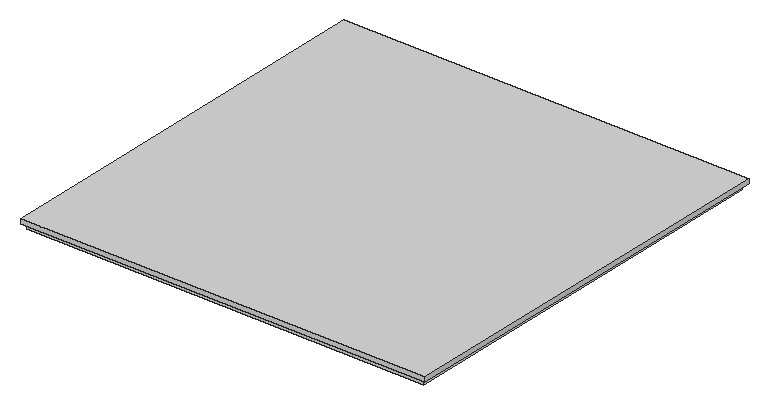
Revit family "ソーラトンライト・グリッド（640×640用）", category 機械設備, Revit 2020
Family settings
  丸型コネクタ寸法 = 直径を使用
  種別 = なし
  パーツ タイプ = 標準
  作業面ベース = いいえ
  常に垂直 = はい
  ロード時にボイドで切り取り = いいえ
  共有 = いいえ
  部屋計算ポイント = いいえ
Parameters
  製造元 = "株式会社桐井製作所"
  既定の高さ = 0 mm
  URL = "https://www.kirii.co.jp/"
  K_長さ(mm) = 632 mm
  K_品名 = "ソーラトンライト・グリッド(640×640用)"
  K_名称 = "岩綿吸音板"
  K_備考 = "対象Tバー:eY4815、eT4015"
  K_バージョン情報 = "20220915"
Reference planes
  plane 1 "中心(正面/背面)": y = 0
  plane 2: z = 0
  plane 3 "中心(左/右)": x = 0
Forms (mm)
  Extrusion 1, solid, material "石膏"
    sketch origin (0, 32, 0) x (0, 1, 0) y (0, 0, 1)
      loop
        line (-342, 0) -> (278, 0) -> (278, 8) -> (284, 8) -> (284, 15) -> (-348, 15) -> (-348, 8) -> (-342, 8) -> (-342, 0)
    from -316 to 316
  Extrusion 2, void
    sketch origin (-20, 25, 0) x (1, 0, 0) y (0, 0, 1)
      loop
        line (-296, 8) -> (-296, 0) -> (-290, 0) -> (-290, 8) -> (-296, 8)
      loop
        line (330, 8) -> (330, 0) -> (336, 0) -> (336, 8) -> (330, 8)
    from -285 to 336
Cuts and joins
  Extrusion 2 cuts Extrusion 1
Dimensions and locks
  aligned and locked: level to plane 2
